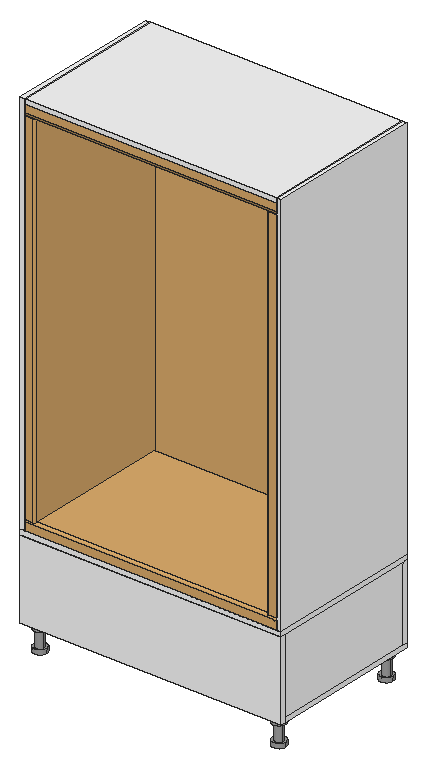
Revit family "1900H Perchpad", category Casework, Revit 2016
Family settings
  OmniClass Number = 23.40.35.00
  OmniClass Title = Casework
  Work Plane-Based = No
  Always vertical = Yes
  Cut with Voids When Loaded = No
  Shared = No
  Room Calculation Point = No
Parameters (values of type "LW1019PP")
  WarrantyGuarantorParts = "www.bisley.com"  # constant formula
  WarrantyGuarantorLabour = "www.bisley.com"  # constant formula
  WarrantyDurationUnit = "Years"  # constant formula
  WarrantyDurationParts = "5"  # constant formula
  WarrantyDurationLabour = "5"  # constant formula
  WarrantyDescription = "5 Years Parts & Labour"  # constant formula
  Uniclass2015Version = "3.1"  # constant formula
  Uniclass2015Title = "Lockers"  # constant formula
  Uniclass2015Code = "Pr_40_30_78_48"  # constant formula
  URL = "www.bisley.com"
  SustainabilityPerformance = "FSC Approved"  # constant formula
  SerialNumber = ""
  NominalWidth = Width  # 1000 mm
  NominalLength = Depth  # 600 mm
  NominalHeight = Height  # 1900 mm
  Name = "1900H Perch Pad"  # constant formula
  NBSReference = "45-35-80/380"  # constant formula
  NBSDescription = "General fittings, furnishings and equipment system"  # constant formula
  ModelReference = "LW1019PP"
  Model = "Abode"  # constant formula
  Material = "MFC"  # constant formula
  ManufacturerURL = "www.bisley.com"  # constant formula
  Manufacturer = "Bisley"  # constant formula
  ManufactureName = "Bisley"  # constant formula
  Finish = "Matt"  # constant formula
  DurationUnit = "Years"  # constant formula
  Depth = 600 mm
  Height = 1900 mm
  Width = 1000 mm
  Carcass Material = "MFC"  # constant formula
  Author = "Bisley"  # constant formula
  AssetType = "Fixed"  # constant formula
  2m = no
  1m = yes
Types (3, lengths in mm): name | NominalWidth | ModelReference | Width | 2m | 1m
  (no name) | 1000 | "LW1019PP" | 1000 | no | yes
  LW1019PP | 1000 | "LW1019PP" | 1000 | no | yes
  LW2019PP | 2000 | "LW2019PP" | 2000 | yes | no
Reference planes
  plane 1 "Back": y = 0
  plane 2: z = 0
  plane 3 "Center (Left/Right)": x = 44.7
  plane 4 "Front": y = -600
  plane 5 "Left": x = -455.3
  plane 6 "Right": x = 544.7
  plane 7 "Top": z = 1900
  plane 8 "Base Panel": z = 100
  plane 9 "Supports": z = 118
  plane 10 "Base Top Panel": z = 402
  plane 11 "Base Top": z = 420
  plane 12 "Top cushion": z = 1882
  plane 13: x = -437.3
  plane 14: x = -131.3
  plane 15: x = -113.3
  plane 16: x = 202.7
  plane 17: x = 220.7
  plane 18: x = 526.7
  plane 19: y = -18
  plane 20: y = -582
  plane 21: x = -450.3
  plane 22: x = -432.3
  plane 23: x = 539.7
  plane 24: x = 521.7
  plane 25: x = 35.7
  plane 26: x = 53.7
  plane 27: y = -28
  plane 28: x = -397.3
  plane 29: x = 486.7
  plane 30: y = -590
  plane 31: z = 450
  plane 32: x = -407.3
  plane 33: x = 496.7
  plane 34: z = 1852
  plane 35: y = -590
Forms (mm)
  Extrusion 1, solid, not visible
    sketch origin (-1691.73, 346.204, -12) x (1, 0, 0) y (0, 0, 1)
      loop
        line (48, 12) -> (56, 12) -> (56, 20) -> (48, 20) -> (48, 12)
    from 0 to 26
  Extrusion 2, solid, not visible
    sketch origin (-1683.73, 346.204, -12) x (-1, 0, 0) y (0, 0, -1)
      loop
        line (48, -12) -> (48, -20) -> (56, -20) -> (56, -12) -> (48, -12)
    from 0 to 26
  Extrusion 3, solid, not visible
    sketch origin (-1687.73, 350.204, -3.997) x (0, 1, 0) y (0, 0, 1)
      loop
        line (-26, 3.997) -> (-26, 11.997) -> (-34, 11.997) -> (-34, 3.997) -> (-26, 3.997)
    from -52 to 52
  Extrusion 4, solid, material "MFC 1"
    sketch origin (0, 0, 100) x (-1, 0, 0) y (0, -1, 0)
      loop
        line (455.3, 582) -> (-544.7, 582) -> (-544.7, 0) -> (455.3, 0) -> (455.3, 582)
    from 0 to 18
  Extrusion 5, solid, material "MFC 1"
    sketch origin (0, 0, 402) x (-1, 0, 0) y (0, -1, 0)
      loop
        line (455.3, 600) -> (-544.7, 600) -> (-544.7, 0) -> (455.3, 0) -> (455.3, 600)
    from 0 to 18
  Extrusion 6, solid, material "MFC 1"
    sketch origin (0, 0, 118) x (-1, 0, 0) y (0, -1, 0)
      loop
        line (455.3, 582) -> (437.3, 582) -> (437.3, 18) -> (455.3, 18) -> (455.3, 582)
    from 0 to 284
  Extrusion 7, solid, material "MFC 1", visible <- "1m"
    sketch origin (0, 0, 118) x (-1, 0, 0) y (0, -1, 0)
      loop
        line (131.3, 582) -> (113.3, 582) -> (113.3, 18) -> (131.3, 18) -> (131.3, 582)
    from 0 to 284
  Extrusion 8, solid, material "MFC 1", visible <- "1m"
    sketch origin (0, 0, 118) x (-1, 0, 0) y (0, -1, 0)
      loop
        line (-202.7, 582) -> (-220.7, 582) -> (-220.7, 18) -> (-202.7, 18) -> (-202.7, 582)
    from 0 to 284
  Extrusion 9, solid, material "MFC 1"
    sketch origin (0, 0, 118) x (-1, 0, 0) y (0, -1, 0)
      loop
        line (-526.7, 582) -> (-544.7, 582) -> (-544.7, 18) -> (-526.7, 18) -> (-526.7, 582)
    from 0 to 284
  Extrusion 10, solid, material "MFC 1"
    sketch origin (0, 0, 118) x (-1, 0, 0) y (0, -1, 0)
      loop
        line (455.3, 18) -> (-544.7, 18) -> (-544.7, 0) -> (455.3, 0) -> (455.3, 18)
    from 0 to 284
  Extrusion 11, solid, material "MFC 1"
    sketch origin (0, -600, 0) x (1, 0, 0) y (0, 0, 1)
      loop
        line (-455.3, 100) -> (544.7, 100) -> (544.7, 402) -> (-455.3, 402) -> (-455.3, 100)
    from 0 to -18
  Extrusion 12, solid, material "MFC 1"
    sketch origin (0, 0, 420) x (-1, 0, 0) y (0, -1, 0)
      loop
        line (455.3, 600) -> (437.3, 600) -> (437.3, 0) -> (455.3, 0) -> (455.3, 600)
    from 0 to 1480
  Extrusion 13, solid, material "MFC 1"
    sketch origin (0, 0, 420) x (-1, 0, 0) y (0, -1, 0)
      loop
        line (-526.7, 600) -> (-544.7, 600) -> (-544.7, 0) -> (-526.7, 0) -> (-526.7, 600)
    from 0 to 1480
  Extrusion 14, solid, material "MFC 1"
    sketch origin (0, 0, 420) x (-1, 0, 0) y (0, -1, 0)
      loop
        line (437.3, 18) -> (-526.7, 18) -> (-526.7, 0) -> (437.3, 0) -> (437.3, 18)
    from 0 to 1462
  Extrusion 15, solid, material "MFC 1"
    sketch origin (0, 0, 1900) x (0, -1, 0) y (1, 0, 0)
      loop
        line (600, -437.3) -> (600, 526.7) -> (0, 526.7) -> (0, -437.3) -> (600, -437.3)
    from 0 to -18
  Extrusion 16, solid, material "MFC 1", visible <- "2m"
    sketch origin (0, 0, 420) x (-1, 0, 0) y (0, -1, 0)
      loop
        line (450.3, 582) -> (432.3, 582) -> (432.3, 18) -> (450.3, 18) -> (450.3, 582)
    from -302 to -18
  Extrusion 17, solid, material "MFC 1", visible <- "2m"
    sketch origin (0, 0, 118) x (-1, 0, 0) y (0, -1, 0)
      loop
        line (-35.7, 582) -> (-53.7, 582) -> (-53.7, 18) -> (-35.7, 18) -> (-35.7, 582)
    from 0 to 284
  Extrusion 18, solid, material "MFC 1", visible <- "2m"
    sketch origin (0, 0, 118) x (-1, 0, 0) y (0, -1, 0)
      loop
        line (-521.7, 582) -> (-539.7, 582) -> (-539.7, 18) -> (-521.7, 18) -> (-521.7, 582)
    from 0 to 284
  Extrusion 19, solid, material "Fabric"
    sketch origin (0, 0, 420) x (-1, 0, 0) y (0, -1, 0)
      loop
        line (437.3, 28) -> (-526.7, 28) -> (-526.7, 18) -> (437.3, 18) -> (437.3, 28)
    from 0 to 1422
  Extrusion 20, solid, material "Fabric"
    sketch origin (0, 0, 420) x (-1, 0, 0) y (0, -1, 0)
      loop
        line (437.3, 600) -> (397.3, 600) -> (397.3, 28) -> (437.3, 28) -> (437.3, 600)
    from 40 to 1422
  Extrusion 21, solid, material "Fabric"
    sketch origin (0, 0, 420) x (-1, 0, 0) y (0, -1, 0)
      loop
        line (437.3, 600) -> (-526.7, 600) -> (-526.7, 28) -> (437.3, 28) -> (437.3, 600)
    from 0 to 40
  Extrusion 22, void
    sketch origin (44.7, 0, 0) x (0, 1, 0) y (0, 0, 1)
      loop
        line (-600, 460) -> (-600, 450)
        arc (-600, 450) -> (-597.071, 457.071) -> (-590, 460) r 10
        line (-590, 460) -> (-600, 460)
    from -482 to 482
  Extrusion 23, solid, material "Fabric"
    sketch origin (0, 0, 420) x (-1, 0, 0) y (0, -1, 0)
      loop
        line (-486.7, 600) -> (-526.7, 600) -> (-526.7, 28) -> (-486.7, 28) -> (-486.7, 600)
    from 40 to 1422
  Extrusion 24, void
    sketch origin (0, 0, 420) x (-1, 0, 0) y (0, -1, 0)
      loop
        line (407.3, 600) -> (397.3, 600) -> (397.3, 590)
        arc (397.3, 590) -> (400.229, 597.071) -> (407.3, 600) r 10
    from 40 to 1422
  Extrusion 25, void
    sketch origin (0, 0, 420) x (-1, 0, 0) y (0, -1, 0)
      loop
        line (-486.7, 590) -> (-486.7, 600) -> (-496.7, 600)
        arc (-496.7, 600) -> (-489.629, 597.071) -> (-486.7, 590) r 10
    from 40 to 1422
  Extrusion 26, solid, material "Fabric"
    sketch origin (0, 0, 1882) x (-1, 0, 0) y (0, -1, 0)
      loop
        line (437.3, 600) -> (-526.7, 600) -> (-526.7, 18) -> (437.3, 18) -> (437.3, 600)
    from 0 to -40
  Extrusion 27, void
    sketch origin (-455.3, 0, 0) x (0, 1, 0) y (0, 0, 1)
      loop
        arc (-590, 1842) -> (-597.071, 1844.929) -> (-600, 1852) r 10
        line (-600, 1852) -> (-600, 1842) -> (-590, 1842)
    from 18 to 982
Cuts and joins
  Extrusion 22, Extrusion 24, Extrusion 25 cuts Extrusion 21
  Extrusion 24, Extrusion 25 cuts Extrusion 5
  Extrusion 24, Extrusion 25 cuts Extrusion 15
  Extrusion 24, Extrusion 27 cuts Extrusion 20
  Extrusion 25, Extrusion 27 cuts Extrusion 23
  Extrusion 27 cuts Extrusion 12
  Extrusion 27 cuts Extrusion 26
Dimensions and locks
  "Width": plane 6 "Right" to plane 5 "Left"
  equal spacing: plane 6 "Right", plane 3 "Center (Left/Right)", plane 5 "Left"
  "Depth": plane 4 "Front" to plane 1 "Back"
  "Height": level to plane 7 "Top"
  locked: plane 5 "Left" to plane 13 at 18
  locked: plane 18 to plane 6 "Right" at 18
  locked: plane 5 "Left" to plane 28 at 58
  locked: plane 29 to plane 6 "Right" at 58
  locked: plane 32 to plane 28 at 10
  locked: plane 29 to plane 33 at 10
  aligned and locked: level to plane 2
  aligned and locked: Extrusion 4 sketch curve to plane 20
  aligned and locked: Extrusion 4 sketch curve to plane 5 "Left"
  aligned and locked: Extrusion 4 sketch curve to plane 1 "Back"
  aligned and locked: plane 6 "Right" to Extrusion 4 sketch curve
  aligned and locked: plane 4 "Front" to Extrusion 5 sketch curve
  aligned and locked: Extrusion 5 sketch curve to plane 5 "Left"
  aligned and locked: Extrusion 5 sketch curve to Extrusion 4  (x2)
  aligned and locked: Extrusion 6 sketch curve to Extrusion 4
  aligned and locked: Extrusion 4 to Extrusion 6 sketch curve
  aligned and locked: plane 19 to Extrusion 6 sketch curve
  aligned and locked: plane 13 to Extrusion 6 sketch curve
  aligned and locked: Extrusion 7 sketch curve to plane 20
  aligned and locked: Extrusion 7 sketch curve to plane 14
  aligned and locked: plane 19 to Extrusion 7 sketch curve
  aligned and locked: plane 15 to Extrusion 7 sketch curve
  aligned and locked: Extrusion 8 sketch curve to plane 20
  aligned and locked: Extrusion 8 sketch curve to plane 16
  aligned and locked: plane 19 to Extrusion 8 sketch curve
  aligned and locked: plane 17 to Extrusion 8 sketch curve
  aligned and locked: Extrusion 9 sketch curve to plane 20
  aligned and locked: Extrusion 9 sketch curve to plane 18
  aligned and locked: plane 19 to Extrusion 9 sketch curve
  aligned and locked: plane 6 "Right" to Extrusion 9 sketch curve
  aligned and locked: Extrusion 10 sketch curve to Extrusion 6  (x2)
  aligned and locked: Extrusion 10 sketch curve to Extrusion 4
  aligned and locked: Extrusion 5 to Extrusion 10 sketch curve
  aligned and locked: Extrusion 11 sketch curve to Extrusion 4  (x2)
  aligned and locked: Extrusion 11 sketch curve to Extrusion 5
  aligned and locked: Extrusion 11 sketch curve to Extrusion 9
  aligned and locked: plane 18 to nested 6
  aligned and locked: nested 6 to plane 20
  aligned and locked: plane 13 to nested 1
  aligned and locked: nested 1 to plane 20
  aligned and locked: plane 13 to nested 2
  aligned and locked: nested 2 to plane 19
  aligned and locked: nested 6 to nested 5
  aligned and locked: nested 2 to nested 5
  aligned and locked: plane 17 to nested 4
  aligned and locked: nested 3 to nested 4
  aligned and locked: plane 14 to nested 3
  aligned and locked: Extrusion 12 sketch curve to Extrusion 5  (x2)
  aligned and locked: Extrusion 12 sketch curve to plane 1 "Back"
  aligned and locked: plane 13 to Extrusion 12 sketch curve
  aligned and locked: plane 4 "Front" to Extrusion 13 sketch curve
  aligned and locked: Extrusion 13 sketch curve to plane 18
  aligned and locked: Extrusion 13 sketch curve to Extrusion 4
  aligned and locked: Extrusion 13 sketch curve to Extrusion 5
  aligned and locked: Extrusion 14 sketch curve to nested 2
  aligned and locked: Extrusion 14 sketch curve to Extrusion 6
  aligned and locked: Extrusion 13 to Extrusion 14 sketch curve
  aligned and locked: Extrusion 14 sketch curve to Extrusion 13
  aligned and locked: Extrusion 12 to plane 7 "Top"
  aligned and locked: Extrusion 12 to plane 11 "Base Top"
  aligned and locked: Extrusion 13 to plane 11 "Base Top"
  aligned and locked: Extrusion 13 to plane 7 "Top"
  aligned and locked: Extrusion 15 sketch curve to Extrusion 12  (x2)
  aligned and locked: Extrusion 15 sketch curve to Extrusion 14
  aligned and locked: Extrusion 15 sketch curve to Extrusion 13
  aligned and locked: Extrusion 15 to plane 7 "Top"
  aligned and locked: Extrusion 15 to plane 12 "Top cushion"
  aligned and locked: Extrusion 4 to Extrusion 16 sketch curve
  aligned and locked: Extrusion 16 sketch curve to plane 21
  aligned and locked: Extrusion 16 sketch curve to Extrusion 10
  aligned and locked: plane 22 to Extrusion 16 sketch curve
  aligned and locked: plane 10 "Base Top Panel" to Extrusion 16
  aligned and locked: Extrusion 16 to plane 9 "Supports"
  aligned and locked: Extrusion 4 to Extrusion 17 sketch curve
  aligned and locked: Extrusion 17 sketch curve to plane 25
  aligned and locked: Extrusion 17 sketch curve to Extrusion 10
  aligned and locked: plane 26 to Extrusion 17 sketch curve
  aligned and locked: plane 10 "Base Top Panel" to Extrusion 17
  aligned and locked: Extrusion 17 to plane 9 "Supports"
  aligned and locked: Extrusion 4 to Extrusion 18 sketch curve
  aligned and locked: Extrusion 18 sketch curve to plane 24
  aligned and locked: Extrusion 18 sketch curve to Extrusion 10
  aligned and locked: plane 23 to Extrusion 18 sketch curve
  aligned and locked: plane 10 "Base Top Panel" to Extrusion 18
  aligned and locked: Extrusion 18 to plane 9 "Supports"
  aligned and locked: plane 13 to nested 11
  aligned and locked: nested 12 to nested 5
  aligned and locked: nested 11 to nested 12
  aligned and locked: nested 14 to plane 19
  aligned and locked: nested 13 to plane 20
  aligned and locked: Extrusion 19 sketch curve to plane 27
  aligned and locked: Extrusion 19 sketch curve to plane 13
  aligned and locked: Extrusion 19 sketch curve to Extrusion 14
  aligned and locked: Extrusion 19 sketch curve to Extrusion 9
  aligned and locked: Extrusion 19 to plane 11 "Base Top"
  aligned and locked: Extrusion 20 sketch curve to Extrusion 6
  aligned and locked: plane 27 to Extrusion 20 sketch curve
  aligned and locked: plane 28 to Extrusion 20 sketch curve
  aligned and locked: plane 4 "Front" to Extrusion 20
  aligned and locked: plane 28 to Extrusion 20
  aligned and locked: Extrusion 20 to plane 13
  aligned and locked: plane 27 to Extrusion 20
  aligned and locked: Extrusion 21 sketch curve to Extrusion 20
  aligned and locked: Extrusion 21 sketch curve to Extrusion 12
  aligned and locked: Extrusion 21 sketch curve to Extrusion 19  (x2)
  aligned and locked: Extrusion 21 to plane 11 "Base Top"
  aligned and locked: Extrusion 20 to Extrusion 21
  aligned and locked: Extrusion 22 to plane 13
  aligned and locked: plane 18 to Extrusion 22
  aligned and locked: plane 4 "Front" to Extrusion 23 sketch curve
  aligned and locked: Extrusion 23 sketch curve to plane 29
  aligned and locked: Extrusion 23 sketch curve to Extrusion 19
  aligned and locked: Extrusion 23 sketch curve to cut or joined group of Extrusion 21, Extrusion 22, Extrusion 24, Extrusion 25
  aligned and locked: Extrusion 23 to cut or joined group of Extrusion 21, Extrusion 22, Extrusion 24, Extrusion 25
  aligned and locked: Extrusion 24 to cut or joined group of Extrusion 21, Extrusion 22, Extrusion 24, Extrusion 25
  aligned and locked: Extrusion 25 to Extrusion 21
  aligned and locked: Extrusion 26 sketch curve to cut or joined group of Extrusion 21, Extrusion 22, Extrusion 24, Extrusion 25
  aligned and locked: Extrusion 26 sketch curve to Extrusion 12
  aligned and locked: Extrusion 26 sketch curve to Extrusion 14
  aligned and locked: Extrusion 26 sketch curve to Extrusion 9
  aligned and locked: plane 12 "Top cushion" to Extrusion 26
  aligned and locked: Extrusion 20 to Extrusion 26
  aligned and locked: Extrusion 24 to cut or joined group of Extrusion 20, Extrusion 24, Extrusion 27
  aligned and locked: Extrusion 25 to Extrusion 26
  aligned and locked: Extrusion 23 to Extrusion 25
  aligned and locked: cut or joined group of Extrusion 20, Extrusion 24, Extrusion 27 to Extrusion 19
  aligned and locked: Extrusion 27 to plane 13
  aligned and locked: plane 18 to Extrusion 27
Automatic sketch dimensions
  Extrusion 1 sketch curve to Extrusion 1 sketch curve = 8 mm  (x2)
  Extrusion 2 sketch curve to Extrusion 2 sketch curve = 8 mm  (x2)
  Extrusion 3 sketch curve to Extrusion 3 sketch curve = 8 mm  (x2)
  Extrusion 20 sketch curve to plane 20 = 18 mm
  Extrusion 22 sketch curve to plane 4 "Front" = 0 mm
  Extrusion 22 sketch curve to plane 30 = 0 mm
  Extrusion 22 sketch curve to plane 31 = 0 mm
  plane 4 "Front" to Extrusion 24 sketch curve = 0 mm
  Extrusion 24 sketch curve to plane 28 = 0 mm
  Extrusion 24 sketch curve to plane 32 = 0 mm  (x2)
  plane 30 to Extrusion 24 sketch curve = 0 mm
  plane 4 "Front" to Extrusion 25 sketch curve = 0 mm
  Extrusion 25 sketch curve to plane 33 = 0 mm
  plane 30 to Extrusion 25 sketch curve = 0 mm
  Extrusion 27 sketch curve to plane 4 "Front" = 0 mm
  Extrusion 27 sketch curve to plane 30 = 0 mm
  Extrusion 27 sketch curve to plane 34 = 0 mm
Nested families
  nested 1: "Foot 100" at (-457, -532, 0), type "Foot 100"
  nested 2: "Foot 100" at (-457, -18, 0), type "Foot 100"
  nested 3: "Foot 100" at (-176, -260, 0), visible <- "1m", type "Foot 100"
  nested 4: "Foot 100" at (176, -260, 0), visible <- "1m", type "Foot 100"
  nested 5: "Foot 100" at (457, -18, 0), type "Foot 100"
  nested 6: "Foot 100" at (457, -532, 0), type "Foot 100"
  nested 7: "Foot 100" at (-470, -411.238, 0), visible <- "2m", type "Foot 100"
  nested 8: "Foot 100" at (-470, -141.238, 0), visible <- "2m", type "Foot 100"
  nested 9: "Foot 100" at (470, -411.238, 0), visible <- "2m", type "Foot 100"
  nested 10: "Foot 100" at (470, -141.238, 0), visible <- "2m", type "Foot 100"
  nested 11: "Foot 100" at (-457, -273, 0), visible <- "2m", type "Foot 100"
  nested 12: "Foot 100" at (457, -273, 0), visible <- "2m", type "Foot 100"
  nested 13: "Foot 100" at (-0.084, -532, 0), visible <- "2m", type "Foot 100"
  nested 14: "Foot 100" at (-0.084, -18, 0), visible <- "2m", type "Foot 100"
  nested 15: "Foot 100" at (-0.084, -281.238, 0), visible <- "2m", type "Foot 100"
Definition of nested family "Foot 100"
  Parameters (values of type "Foot 100")
    WarrantyGuarantorParts = "www.bisley.com"  # constant formula
    WarrantyGuarantorLabour = "www.bisley.com"  # constant formula
    WarrantyDurationUnit = "Years"  # constant formula
    WarrantyDurationParts = "5"  # constant formula
    WarrantyDurationLabour = "5"  # constant formula
    WarrantyDescription = "5 Years Parts & Labour"  # constant formula
    Uniclass2015Version = ""
    Uniclass2015Title = ""
    Uniclass2015Code = ""
    URL = "www.bisley.com"
    SustainabilityPerformance = "FSC Approved"  # constant formula
    SerialNumber = ""
    NominalWidth = Width  # 50 mm
    NominalLength = Depth  # 50 mm
    NominalHeight = Height  # 900 mm
    Name = ""
    NBSReference = ""
    NBSDescription = "General fittings, furnishings and equipment system"  # constant formula
    ModelReference = ""
    Model = "Abode"  # constant formula
    Material = "MFC"  # constant formula
    ManufacturerURL = "www.bisley.com"  # constant formula
    Manufacturer = "Bisley"  # constant formula
    ManufactureName = "Bisley"  # constant formula
    Finish = "Matt"  # constant formula
    ExpectedLife = "25"  # constant formula
    DurationUnit = "Years"  # constant formula
    Depth = 50 mm
    Height = 900 mm
    Width = 50 mm
    Carcass Material = "MFC"  # constant formula
    Author = "Bisley"  # constant formula
    AssetType = "Fixed"  # constant formula
  Reference planes
    plane 1 "Back": y = 0
    plane 2: z = 0
    plane 3 "Center (Left/Right)": x = 44.7
    plane 4 "Front": y = -50
    plane 5 "Left": x = 19.7
    plane 6 "Right": x = 69.7
    plane 7 "Top": z = 900
    plane 8: y = -25
    plane 9 "Foot top": z = 98
    plane 10: y = 0
    plane 11: y = -50
    plane 12: x = 19.7
    plane 13: x = 69.7
    plane 14: x = 24.7
    plane 15: y = -5
  Forms (mm)
    Extrusion 1, solid, not visible
      sketch origin (-1691.73, 346.204, -12) x (1, 0, 0) y (0, 0, 1)
        loop
          line (48, 12) -> (56, 12) -> (56, 20) -> (48, 20) -> (48, 12)
      from 0 to 26
    Extrusion 2, solid, not visible
      sketch origin (-1683.73, 346.204, -12) x (-1, 0, 0) y (0, 0, -1)
        loop
          line (48, -12) -> (48, -20) -> (56, -20) -> (56, -12) -> (48, -12)
      from 0 to 26
    Extrusion 3, solid, not visible
      sketch origin (-1687.73, 350.204, -3.997) x (0, 1, 0) y (0, 0, 1)
        loop
          line (-26, 3.997) -> (-26, 11.997) -> (-34, 11.997) -> (-34, 3.997) -> (-26, 3.997)
      from -52 to 52
    Extrusion 4, solid
      sketch origin (0, 275, 0) x (1, 0, 0) y (0, 1, 0)
        loop
          circle (44.7, -300) r 25
      from 0 to 15
    Extrusion 5, solid
      sketch origin (0, 275, 0) x (1, 0, 0) y (0, 1, 0)
        loop
          circle (44.7, -300) r 15
      from 15 to 78
    Extrusion 6, solid
      sketch origin (0, 275, 0) x (1, 0, 0) y (0, 1, 0)
        loop
          circle (44.7, -300) r 25
      from 78 to 98
    Extrusion 7, solid
      sketch origin (0, 275, 98) x (-1, 0, 0) y (0, -1, 0)
        loop
          line (-19.7, 325) -> (-69.7, 325) -> (-69.7, 275) -> (-19.7, 275) -> (-19.7, 325)
      from 0 to -10
    Extrusion 8, void
      sketch origin (0, 275, 98) x (-1, 0, 0) y (0, -1, 0)
        loop
          circle (-24.7, 280) r 2.5
      from 0 to -10
    Extrusion 9, void
      sketch origin (89.401, 275, 98) x (1, 0, 0) y (0, 1, 0)
        loop
          circle (-24.7, -280) r 2.5
      from 0 to -10
    Extrusion 10, void
      sketch origin (0, -325, 98) x (-1, 0, 0) y (0, -1, 0)
        loop
          circle (-24.7, -280) r 2.5
      from 0 to -10
    Extrusion 11, void
      sketch origin (89.401, -325, 98) x (1, 0, 0) y (0, 1, 0)
        loop
          circle (-24.7, 280) r 2.5
      from 0 to -10
  Cuts and joins
    Extrusion 8, Extrusion 9, Extrusion 10, Extrusion 11 cuts Extrusion 4
    Extrusion 8, Extrusion 9, Extrusion 10, Extrusion 11 cuts Extrusion 5
    Extrusion 8, Extrusion 9, Extrusion 10, Extrusion 11 cuts Extrusion 6
    Extrusion 8, Extrusion 9, Extrusion 10, Extrusion 11 cuts Extrusion 7
    joined: Extrusion 4, Extrusion 5, Extrusion 6, Extrusion 7
  Dimensions and locks
    "Width": plane 6 "Right" to plane 5 "Left"
    equal spacing: plane 6 "Right", plane 3 "Center (Left/Right)", plane 5 "Left"
    "Depth": plane 4 "Front" to plane 1 "Back"
    "Height": level to plane 7 "Top"
    aligned and locked: level to plane 2
    aligned and locked: Extrusion 5 to Extrusion 4
    aligned and locked: Extrusion 4 to level
    aligned and locked: Extrusion 6 to Extrusion 5
    aligned and locked: plane 9 "Foot top" to Extrusion 6
  Automatic sketch dimensions
    Extrusion 1 sketch curve to Extrusion 1 sketch curve = 8 mm  (x2)
    Extrusion 2 sketch curve to Extrusion 2 sketch curve = 8 mm  (x2)
    Extrusion 3 sketch curve to Extrusion 3 sketch curve = 8 mm  (x2)
    Extrusion 4 sketch curve to plane 3 "Center (Left/Right)" = 0 mm
    plane 8 to Extrusion 4 sketch curve = 0 mm
    Extrusion 5 sketch curve to plane 3 "Center (Left/Right)" = 0 mm
    plane 8 to Extrusion 5 sketch curve = 0 mm
    Extrusion 6 sketch curve to plane 3 "Center (Left/Right)" = 0 mm
    plane 8 to Extrusion 6 sketch curve = 0 mm
    Extrusion 7 sketch curve to plane 11 = 0 mm
    Extrusion 7 sketch curve to plane 13 = 0 mm
    plane 10 to Extrusion 7 sketch curve = 0 mm
    Extrusion 7 sketch curve to plane 12 = 0 mm
    Extrusion 8 sketch curve to plane 14 = 0 mm
    Extrusion 8 sketch curve to plane 15 = 0 mm
    plane 15 to Extrusion 9 sketch curve = 0 mm
    plane 13 to Extrusion 9 sketch curve = 5 mm
    Extrusion 10 sketch curve to plane 14 = 0 mm
    Extrusion 10 sketch curve to plane 11 = 5 mm
    Extrusion 11 sketch curve to plane 13 = 5 mm
    plane 11 to Extrusion 11 sketch curve = 5 mm
    radius of Extrusion 4 sketch curve = 25 mm
    radius of Extrusion 5 sketch curve = 15 mm
    radius of Extrusion 6 sketch curve = 25 mm
    radius of Extrusion 8 sketch curve = 2.5 mm
    radius of Extrusion 9 sketch curve = 2.5 mm
    radius of Extrusion 10 sketch curve = 2.5 mm
    radius of Extrusion 11 sketch curve = 2.5 mm
